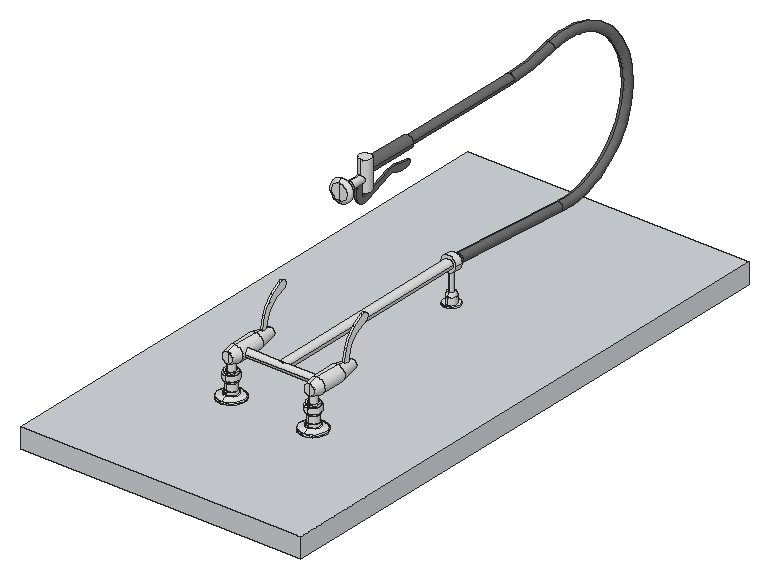
Revit family
Parameters (values of type "TF83WJS")
  WELSRating_ANZRS = "6 star"
  URL = "www.galvinengineering.com.au"
  Type Comments = "Ezy-Wash Pre-Rinse"
  StyleOrType_ANZRS = "Plumbing Fixture"
  PlumbingMaterial_ANZRS = Metal_Taps_DR-Brass-with-Chrome-Finish_10800
  Outlet = "1000mm long high pressure hose with swivel ends"
  ModifiedIssue_ANZRS = 20120721.01  # constant formula
  Model = "TF83WJS"
  Manufacturer = "Galvin Engineering"
  Keynote = "15400"
  Instructions = "http://www.galvinengineering.com.au/Installation_Guides_1.aspx"
  Inlet = "15mm BSP Female"
  FlowRate = 0.075 L/s
  FlexibleHoseMaterial = Rubber_Taps_Black-with-Spring_10800
  FilterObject_ANZRS = "Ezy-Wash"
  DimInletRadius = 7.5 mm  # constant formula
  DimHeight = 1120.0 mm  # constant formula
  Description = "Wall Mounted Pre-Rinse Exposed Mixing Unit Type 83W"
  Default Elevation = 900.0 mm
  CreatedBy_ANZRS = "Galvin Engineering"
  CreatedByURL_ANZRS = "www.galvinengineering.com.au"
  CreatedByPhoneNo_ANZRS = "61-8-92495900"
  Assembly Code = "D2010"
Reference planes
  plane 1 "Bottom": y = 0
  plane 2 "Face": z = 0
  plane 3 "Center (Left/Right)": x = 0
  plane 4 "Top": y = 1120
  plane 5 "Width2": z = 402.559
  plane 6 "Left": x = -102.5
  plane 7 "Right": x = 102.5
  plane 8: z = 92.559
  plane 9: y = 28.5
  plane 10: y = 210
Forms (mm)
  Extrusion 1, solid
    sketch origin (0, -719.2, 0) x (1, 0, 0) y (0, 1, 0)
      loop
        line (-350, 1769.2) -> (-350, 369.2) -> (350, 369.2) -> (350, 1769.2) -> (-350, 1769.2)
    from 0 to -50
  Extrusion 2, solid, material "Metal_Taps_DR-Brass-with-Chrome-Finish_10800" <- "PlumbingMaterial_ANZRS"
    sketch origin (0, 90.016, 158.511) x (1, 0, 0) y (0, 0, 1)
      loop
        circle (0, -66.426) r 19
    from -478.384 to -460.384
  Extrusion 3, solid, material "Metal_Taps_DR-Brass-with-Chrome-Finish_10800" <- "PlumbingMaterial_ANZRS"
    sketch origin (0, 493.399, -639.907) x (0, -1, 0) y (1, 0, 0)
      loop
        circle (-66.426, 0) r 5
    from 667.496 to 732.466
  Revolve 4, solid, material "Metal_Taps_DR-Brass-with-Chrome-Finish_10800" <- "PlumbingMaterial_ANZRS"
    sketch origin (0, 27.25, 0) x (0, 1, 0) y (0, 0, 1)
      loop
        line (532.575, 27.589) -> (523.865, 27.589) -> (520.575, 19.027) -> (520.575, 2) -> (512.575, 2) -> (512.575, 0) -> (532.575, 0) -> (532.575, 27.589)
      axis (532.575, 27.589) -> (532.575, 0)
    angle from 0 to 360
  Revolve 5, solid, material "Metal_Taps_DR-Brass-with-Chrome-Finish_10800" <- "PlumbingMaterial_ANZRS"
    sketch origin (-102.5, 0, 0) x (0, 0, 1) y (0, -1, 0)
      loop
        line (92.559, 0) -> (92.559, 9.45) -> (62, 9.45) -> (62, 13.8)
        arc (62, 13.8) -> (61.561, 14.861) -> (60.5, 15.3) r 1.5
        line (60.5, 15.3) -> (56.762, 15.3)
        arc (56.762, 15.3) -> (56.255, 16.708) -> (55.5, 18) r 8.183
        line (55.5, 18) -> (43.5, 18)
        arc (43.5, 18) -> (42.745, 16.708) -> (42.238, 15.3) r 8.183
        line (42.238, 15.3) -> (38.5, 15.3)
        arc (38.5, 15.3) -> (37.439, 14.861) -> (37, 13.8) r 1.5
        line (37, 13.8) -> (37, 12.751) -> (18.816, 12.751)
        arc (18.816, 12.751) -> (18.124, 14.162) -> (16.99, 15.25) r 4.512
        line (16.99, 15.25) -> (11.696, 15.25)
        arc (11.696, 15.25) -> (10.966, 16.428) -> (9.992, 17.414) r 6.168
        arc (9.992, 17.414) -> (5.373, 23.876) -> (3.454, 31.583) r 21.211
        arc (3.454, 31.583) -> (2.988, 32.59) -> (1.957, 33) r 1.5
        line (1.957, 33) -> (0, 33) -> (0, 0) -> (92.559, 0)
      axis (92.559, 0) -> (0, 0)
    angle from 0 to 360
  Revolve 6, solid, material "Metal_Taps_DR-Brass-with-Chrome-Finish_10800" <- "PlumbingMaterial_ANZRS"
    sketch origin (-102.5, 0, 0) x (0, 0, 1) y (0, -1, 0)
      loop
        line (73.509, -75.25) -> (81.72, -120.927)
        arc (81.72, -120.927) -> (87.095, -121.976) -> (92.559, -122.327) r 42.639
        line (92.559, -122.327) -> (92.559, 11.75) -> (79.559, 11.75) -> (73.509, -11.946) -> (73.509, -75.25)
      axis (92.559, -122.327) -> (92.559, 11.75)
    angle from 0 to 360
  Extrusion 7, solid, material "Metal_Taps_DR-Brass-with-Chrome-Finish_10800" <- "PlumbingMaterial_ANZRS"
    sketch origin (-102.5, 0, 0) x (0, 0, 1) y (0, -1, 0)
      loop
        line (163.416, -138.347) -> (174.279, -162.743)
        arc (174.279, -162.743) -> (187.767, -165.61) -> (190.634, -152.123) r 9.75
        line (190.634, -152.123) -> (174.213, -126.837)
        arc (174.213, -126.837) -> (157.17, -111.772) -> (136.998, -101.26) r 93.673
        line (136.998, -101.26) -> (97.369, -92.836) -> (95.422, -103.668) -> (129.547, -110.922)
        arc (129.547, -110.922) -> (148.286, -122.406) -> (163.416, -138.347) r 84.238
    from -2.5 to 2.5
  Revolve 8, solid, material "Metal_Taps_DR-Brass-with-Chrome-Finish_10800" <- "PlumbingMaterial_ANZRS"
    sketch origin (102.5, 0, 0) x (0, 0, 1) y (0, -1, 0)
      loop
        line (92.559, 0) -> (92.559, 9.45) -> (62, 9.45) -> (62, 13.8)
        arc (62, 13.8) -> (61.561, 14.861) -> (60.5, 15.3) r 1.5
        line (60.5, 15.3) -> (56.762, 15.3)
        arc (56.762, 15.3) -> (56.255, 16.708) -> (55.5, 18) r 8.183
        line (55.5, 18) -> (43.5, 18)
        arc (43.5, 18) -> (42.745, 16.708) -> (42.238, 15.3) r 8.183
        line (42.238, 15.3) -> (38.5, 15.3)
        arc (38.5, 15.3) -> (37.439, 14.861) -> (37, 13.8) r 1.5
        line (37, 13.8) -> (37, 12.751) -> (18.816, 12.751)
        arc (18.816, 12.751) -> (18.124, 14.162) -> (16.99, 15.25) r 4.512
        line (16.99, 15.25) -> (11.696, 15.25)
        arc (11.696, 15.25) -> (10.966, 16.428) -> (9.992, 17.414) r 6.168
        arc (9.992, 17.414) -> (5.373, 23.876) -> (3.454, 31.583) r 21.211
        arc (3.454, 31.583) -> (2.988, 32.59) -> (1.957, 33) r 1.5
        line (1.957, 33) -> (0, 33) -> (0, 0) -> (92.559, 0)
      axis (92.559, 0) -> (0, 0)
    angle from 0 to 360
  Revolve 9, solid, material "Metal_Taps_DR-Brass-with-Chrome-Finish_10800" <- "PlumbingMaterial_ANZRS"
    sketch origin (102.5, 0, 0) x (0, 0, 1) y (0, -1, 0)
      loop
        line (73.509, -75.25) -> (81.72, -120.927)
        arc (81.72, -120.927) -> (87.095, -121.976) -> (92.559, -122.327) r 42.639
        line (92.559, -122.327) -> (92.559, 11.75) -> (79.559, 11.75) -> (73.509, -11.946) -> (73.509, -75.25)
      axis (92.559, -122.327) -> (92.559, 11.75)
    angle from 0 to 360
  Extrusion 10, solid, material "Metal_Taps_DR-Brass-with-Chrome-Finish_10800" <- "PlumbingMaterial_ANZRS"
    sketch origin (102.5, 0, 0) x (0, 0, 1) y (0, 1, 0)
      loop
        arc (163.416, 138.347) -> (148.286, 122.406) -> (129.547, 110.922) r 84.238
        line (129.547, 110.922) -> (95.422, 103.668) -> (97.369, 92.836) -> (136.998, 101.26)
        arc (136.998, 101.26) -> (157.17, 111.772) -> (174.213, 126.837) r 93.673
        line (174.213, 126.837) -> (190.634, 152.123)
        arc (190.634, 152.123) -> (187.767, 165.61) -> (174.279, 162.743) r 9.75
        line (174.279, 162.743) -> (163.416, 138.347)
    from -2.5 to 2.5
  Extrusion 11, solid, material "Metal_Taps_DR-Brass-with-Chrome-Finish_10800" <- "PlumbingMaterial_ANZRS"
    sketch origin (0, 0, 0) x (0, 1, 0) y (0, 0, 1)
      loop
        circle (28.5, 92.559) r 9.5
    from -102.5 to 102.5
  Extrusion 12, solid, material "Metal_Taps_DR-Brass-with-Chrome-Finish_10800" <- "PlumbingMaterial_ANZRS"
    sketch origin (0, 224.042, -227.311) x (0, -1, 0) y (1, 0, 0)
      loop
        circle (-66.426, 0) r 15
    from 601.678 to 673.678
  Revolve 13, solid, material "Metal_Taps_DR-Brass-with-Chrome-Finish_10800" <- "PlumbingMaterial_ANZRS"
    sketch origin (0, -236.054, 16.084) x (0, 1, 0) y (0, 0, 1)
      loop
        line (475.022, 398.475) -> (468.022, 398.475)
        arc (468.022, 398.475) -> (462.365, 400.818) -> (460.022, 406.475) r 8
        arc (460.022, 406.475) -> (453.022, 413.475) -> (446.022, 406.475) r 7
        line (446.022, 406.475) -> (446.022, 386.475) -> (526.522, 386.475) -> (526.522, 395.725) -> (475.022, 395.725) -> (475.022, 398.475)
      axis (526.522, 386.475) -> (446.022, 386.475)
    angle from 0 to 360
  Extrusion 14, solid, material "Rubber_Taps_Black_10800"
    sketch origin (0, 40, 16.084) x (0, 1, 0) y (0, 0, 1)
      loop
        arc (351.777, 371.767) -> (337.304, 372.477) -> (323.147, 369.382) r 55
        line (323.147, 369.382) -> (255.849, 345.019)
        arc (255.849, 345.019) -> (242.11, 345.383) -> (235.343, 357.345) r 13.957
        line (235.343, 357.345) -> (235.343, 377.158) -> (215.467, 377.158)
        arc (215.467, 377.158) -> (221.438, 374.328) -> (221.971, 367.741) r 6.607
        arc (221.971, 367.741) -> (226.393, 339.066) -> (254.624, 332.371) r 25.979
        line (254.624, 332.371) -> (322.449, 357.921)
        arc (322.449, 357.921) -> (333.112, 359.46) -> (343.432, 356.369) r 25
        arc (343.432, 356.369) -> (365.167, 351.302) -> (386.286, 358.517) r 40.5
        arc (386.286, 358.517) -> (387.909, 362.648) -> (384.72, 365.734) r 4
        line (384.72, 365.734) -> (351.777, 371.767)
    from -2.5 to 2.5
  Extrusion 15, solid, material "Rubber_Taps_Black_10800"
    sketch origin (0, -242.443, 489.293) x (1, 0, 0) y (0, 0, 1)
      loop
        circle (0, -66.426) r 15
    from -664.611 to -535.911
  Sweep 16, solid, material "Rubber_Taps_Black-with-Spring_10800" <- "FlexibleHoseMaterial"
    path origin (0, 170, 16.084) x (0, 1, 0) y (0, 0, 1)
      loop
        line (398.4, 76) -> (411.248, 76)
        arc (411.248, 76) -> (566.982, 70.392) -> (721.91, 53.595) r 2165
        arc (721.91, 53.595) -> (938.504, 253.639) -> (697.946, 424.115) r 189.76
        arc (697.946, 424.115) -> (635.483, 411.136) -> (571.834, 406.783) r 467.457
    profile origin (0, 574.824, 92.084) x (0, 0, 1) y (1, 0, 0)
      loop
        circle (0, 0) r 11.1
  Extrusion 17, solid, material "Rubber_Taps_Black_10800"
    sketch origin (0, -87.443, 489.293) x (1, 0, 0) y (0, 0, 1)
      loop
        circle (0, -66.426) r 11.1
    from -829.277 to -509.611
  Extrusion 18, solid, material "Metal_Taps_DR-Brass-with-Chrome-Finish_10800" <- "PlumbingMaterial_ANZRS"
    sketch origin (0, 90.016, 158.511) x (1, 0, 0) y (0, 0, 1)
      loop
        circle (0, -66.426) r 11.1
    from -460.384 to 61.516
Cuts and joins
  joined: Extrusion 2, Extrusion 3, Revolve 5, Revolve 6, Extrusion 7, Revolve 8, Revolve 9, Extrusion 11, Extrusion 18
  joined: Extrusion 12, Revolve 13
Dimensions and locks
  "DimHeight": plane 4 "Top" to plane 1 "Bottom"
  locked: plane 5 "Width2" to plane 8 at 310
  locked: plane 6 "Left" to plane 7 "Right" at 205
  locked: plane 10 to plane 1 "Bottom" at 210
  aligned and locked: plane 2 "Face" to Extrusion 1
  aligned and locked: level to Extrusion 1
  aligned and locked: plane 2 "Face" to Revolve 5 sketch curve
  aligned and locked: Extrusion 11 to plane 6 "Left"
  aligned and locked: Extrusion 11 to plane 7 "Right"
  aligned and locked: Extrusion 18 to plane 9
Automatic sketch dimensions
  Extrusion 1 sketch curve to Extrusion 1 sketch curve = 700.0 mm
  Extrusion 1 sketch curve to Extrusion 1 sketch curve = 1400.0 mm
  Extrusion 2 sketch curve to plane 3 "Center (Left/Right)" = 0.0 mm
  Extrusion 2 sketch curve to plane 8 = 0.475 mm
  Extrusion 3 sketch curve to plane 3 "Center (Left/Right)" = 0.0 mm
  plane 10 to Extrusion 3 sketch curve = 349.825 mm
  level to Revolve 4 sketch curve = 0.0 mm
  plane 10 to Revolve 4 sketch curve = 329.825 mm
  level to Revolve 4 sketch curve = 2.0 mm
  Revolve 4 sketch curve to Revolve 4 sketch curve = 8.0 mm
  level to Revolve 4 sketch curve = 27.589 mm
  Revolve 4 sketch curve to Revolve 4 sketch curve = 3.29 mm
  Revolve 4 sketch curve to Revolve 4 sketch curve = 8.71 mm
  Revolve 4 sketch curve to Revolve 4 sketch curve = 0.0 mm
  Revolve 4 sketch curve to Revolve 4 sketch curve = 8.344 mm
  Revolve 4 sketch curve to Revolve 4 sketch curve = 12.589 mm
  Revolve 4 sketch curve to Revolve 4 sketch curve = 8.562 mm
  Revolve 5 sketch curve to plane 1 "Bottom" = 0.0 mm  (x2)
  Revolve 5 sketch curve to plane 8 = 0.0 mm
  Revolve 5 sketch curve to Revolve 5 sketch curve = 79.884 mm
  level to Revolve 5 sketch curve = 1.957 mm
  Revolve 5 sketch curve to Revolve 5 sketch curve = 1.498 mm
  Revolve 5 sketch curve to Revolve 5 sketch curve = 0.0 mm  (x2)
  level to Revolve 5 sketch curve = 6.12 mm
  Revolve 5 sketch curve to Revolve 5 sketch curve = 3.872 mm
  Revolve 5 sketch curve to Revolve 5 sketch curve = 1.704 mm
  Revolve 5 sketch curve to Revolve 5 sketch curve = 2.786 mm
  Revolve 5 sketch curve to Revolve 5 sketch curve = 2.509 mm
  Revolve 5 sketch curve to Revolve 5 sketch curve = 1.826 mm
  Revolve 5 sketch curve to Revolve 5 sketch curve = 7.643 mm
  Revolve 5 sketch curve to Revolve 5 sketch curve = 11.3 mm
  Revolve 5 sketch curve to Revolve 5 sketch curve = 6.884 mm
  Revolve 5 sketch curve to Revolve 5 sketch curve = 1.5 mm  (x2)
  Revolve 5 sketch curve to Revolve 5 sketch curve = 3.738 mm  (x2)
  Revolve 5 sketch curve to Revolve 5 sketch curve = 1.262 mm  (x2)
  Revolve 5 sketch curve to Revolve 5 sketch curve = 6.604 mm
  Revolve 5 sketch curve to Revolve 5 sketch curve = 1.316 mm
  Revolve 5 sketch curve to Revolve 5 sketch curve = 5.342 mm
  plane 1 "Bottom" to Revolve 5 sketch curve = 9.45 mm
  plane 1 "Bottom" to Revolve 5 sketch curve = 11.5 mm
  Revolve 5 sketch curve to Revolve 5 sketch curve = 1.112 mm
  plane 1 "Bottom" to Revolve 5 sketch curve = 12.751 mm
  Revolve 5 sketch curve to Revolve 5 sketch curve = 3.792 mm
  Revolve 5 sketch curve to Revolve 5 sketch curve = 4.35 mm
  Revolve 5 sketch curve to Revolve 5 sketch curve = 14.086 mm
  Revolve 6 sketch curve to plane 8 = 0.0 mm  (x2)
  Revolve 6 sketch curve to plane 8 = 10.839 mm
  Revolve 6 sketch curve to Revolve 6 sketch curve = 13.0 mm
  Revolve 6 sketch curve to plane 8 = 19.05 mm
  Revolve 6 sketch curve to plane 10 = 87.673 mm
  Revolve 6 sketch curve to Revolve 6 sketch curve = 1.401 mm
  Revolve 6 sketch curve to Revolve 6 sketch curve = 4.438 mm
  plane 9 to Revolve 6 sketch curve = 11.166 mm
  Revolve 6 sketch curve to plane 1 "Bottom" = 11.946 mm
  plane 1 "Bottom" to Revolve 6 sketch curve = 11.75 mm
  Revolve 6 sketch curve to Revolve 6 sketch curve = 58.584 mm
  plane 8 to Extrusion 7 sketch curve = 2.716 mm
  plane 8 to Extrusion 7 sketch curve = 2.863 mm
  plane 8 to Extrusion 7 sketch curve = 4.81 mm
  Extrusion 7 sketch curve to Extrusion 7 sketch curve = 8.838 mm
  Extrusion 7 sketch curve to Extrusion 7 sketch curve = 34.125 mm
  Extrusion 7 sketch curve to Extrusion 7 sketch curve = 7.451 mm
  Extrusion 7 sketch curve to Extrusion 7 sketch curve = 33.869 mm
  Extrusion 7 sketch curve to Extrusion 7 sketch curve = 10.796 mm
  Extrusion 7 sketch curve to Extrusion 7 sketch curve = 10.863 mm
  Extrusion 7 sketch curve to Extrusion 7 sketch curve = 8.177 mm  (x2)
  Extrusion 7 sketch curve to plane 10 = 57.877 mm
  Extrusion 7 sketch curve to Extrusion 7 sketch curve = 5.31 mm
  Extrusion 7 sketch curve to plane 10 = 22.127 mm
  Extrusion 7 sketch curve to Extrusion 7 sketch curve = 1.098 mm
  Extrusion 7 sketch curve to Extrusion 7 sketch curve = 24.396 mm
  Extrusion 7 sketch curve to Extrusion 7 sketch curve = 11.511 mm
  Extrusion 7 sketch curve to Extrusion 7 sketch curve = 7.253 mm
  Extrusion 7 sketch curve to Extrusion 7 sketch curve = 10.832 mm
  Revolve 8 sketch curve to plane 1 "Bottom" = 0.0 mm  (x2)
  Revolve 8 sketch curve to level = 0.0 mm
  plane 8 to Revolve 8 sketch curve = 0.0 mm
  Revolve 8 sketch curve to Revolve 8 sketch curve = 79.884 mm
  Revolve 8 sketch curve to level = 1.957 mm
  Revolve 8 sketch curve to Revolve 8 sketch curve = 1.498 mm
  Revolve 8 sketch curve to Revolve 8 sketch curve = 0.0 mm  (x2)
  Revolve 8 sketch curve to level = 6.12 mm
  Revolve 8 sketch curve to Revolve 8 sketch curve = 3.872 mm
  Revolve 8 sketch curve to Revolve 8 sketch curve = 1.704 mm
  Revolve 8 sketch curve to Revolve 8 sketch curve = 2.786 mm
  Revolve 8 sketch curve to Revolve 8 sketch curve = 2.509 mm
  Revolve 8 sketch curve to Revolve 8 sketch curve = 1.826 mm
  Revolve 8 sketch curve to Revolve 8 sketch curve = 7.643 mm
  Revolve 8 sketch curve to Revolve 8 sketch curve = 11.3 mm
  Revolve 8 sketch curve to Revolve 8 sketch curve = 6.884 mm
  Revolve 8 sketch curve to Revolve 8 sketch curve = 1.5 mm  (x2)
  Revolve 8 sketch curve to Revolve 8 sketch curve = 3.738 mm  (x2)
  Revolve 8 sketch curve to Revolve 8 sketch curve = 1.262 mm  (x2)
  Revolve 8 sketch curve to Revolve 8 sketch curve = 6.604 mm
  Revolve 8 sketch curve to Revolve 8 sketch curve = 1.316 mm
  Revolve 8 sketch curve to Revolve 8 sketch curve = 5.342 mm
  Revolve 8 sketch curve to plane 1 "Bottom" = 9.45 mm
  Revolve 8 sketch curve to plane 1 "Bottom" = 11.5 mm
  Revolve 8 sketch curve to Revolve 8 sketch curve = 1.112 mm
  Revolve 8 sketch curve to plane 1 "Bottom" = 12.751 mm
  Revolve 8 sketch curve to Revolve 8 sketch curve = 3.792 mm
  Revolve 8 sketch curve to Revolve 8 sketch curve = 4.35 mm
  Revolve 8 sketch curve to Revolve 8 sketch curve = 14.086 mm
  plane 8 to Revolve 9 sketch curve = 0.0 mm  (x2)
  plane 8 to Revolve 9 sketch curve = 10.839 mm
  Revolve 9 sketch curve to Revolve 9 sketch curve = 13.0 mm
  plane 8 to Revolve 9 sketch curve = 19.05 mm
  plane 10 to Revolve 9 sketch curve = 87.673 mm
  Revolve 9 sketch curve to Revolve 9 sketch curve = 1.401 mm
  Revolve 9 sketch curve to Revolve 9 sketch curve = 4.438 mm
  Revolve 9 sketch curve to plane 9 = 11.166 mm
  plane 1 "Bottom" to Revolve 9 sketch curve = 11.946 mm
  Revolve 9 sketch curve to plane 1 "Bottom" = 11.75 mm
  Revolve 9 sketch curve to Revolve 9 sketch curve = 58.584 mm
  Extrusion 10 sketch curve to plane 8 = 2.716 mm
  Extrusion 10 sketch curve to plane 8 = 2.863 mm
  Extrusion 10 sketch curve to plane 8 = 4.81 mm
  Extrusion 10 sketch curve to Extrusion 10 sketch curve = 8.838 mm
  Extrusion 10 sketch curve to Extrusion 10 sketch curve = 34.125 mm
  Extrusion 10 sketch curve to Extrusion 10 sketch curve = 7.451 mm
  Extrusion 10 sketch curve to Extrusion 10 sketch curve = 33.869 mm
  Extrusion 10 sketch curve to Extrusion 10 sketch curve = 10.796 mm
  Extrusion 10 sketch curve to Extrusion 10 sketch curve = 10.863 mm
  Extrusion 10 sketch curve to Extrusion 10 sketch curve = 8.177 mm  (x2)
  plane 10 to Extrusion 10 sketch curve = 57.877 mm
  Extrusion 10 sketch curve to Extrusion 10 sketch curve = 5.31 mm
  plane 10 to Extrusion 10 sketch curve = 22.127 mm
  Extrusion 10 sketch curve to Extrusion 10 sketch curve = 1.098 mm
  Extrusion 10 sketch curve to Extrusion 10 sketch curve = 24.396 mm
  Extrusion 10 sketch curve to Extrusion 10 sketch curve = 11.511 mm
  Extrusion 10 sketch curve to Extrusion 10 sketch curve = 7.253 mm
  Extrusion 10 sketch curve to Extrusion 10 sketch curve = 10.832 mm
  Extrusion 11 sketch curve to plane 8 = 0.0 mm
  Extrusion 11 sketch curve to plane 9 = 0.0 mm
  Extrusion 12 sketch curve to plane 3 "Center (Left/Right)" = 0.0 mm
  plane 10 to Extrusion 12 sketch curve = 80.468 mm
  Revolve 13 sketch curve to plane 5 "Width2" = 0.0 mm  (x2)
  Revolve 13 sketch curve to plane 10 = 15.032 mm
  Revolve 13 sketch curve to plane 10 = 0.032 mm
  plane 10 to Revolve 13 sketch curve = 6.968 mm
  Revolve 13 sketch curve to Revolve 13 sketch curve = 0.0 mm
  Revolve 13 sketch curve to Revolve 13 sketch curve = 8.0 mm
  Revolve 13 sketch curve to Revolve 13 sketch curve = 7.0 mm
  Revolve 13 sketch curve to Revolve 13 sketch curve = 6.0 mm
  Revolve 13 sketch curve to Revolve 13 sketch curve = 45.5 mm
  plane 5 "Width2" to Revolve 13 sketch curve = 9.25 mm
  Revolve 13 sketch curve to Revolve 13 sketch curve = 2.75 mm
  Extrusion 14 sketch curve to plane 5 "Width2" = 9.317 mm
  plane 10 to Extrusion 14 sketch curve = 45.467 mm
  Extrusion 14 sketch curve to Extrusion 14 sketch curve = 0.536 mm
  Extrusion 14 sketch curve to Extrusion 14 sketch curve = 5.969 mm
  Extrusion 14 sketch curve to Extrusion 14 sketch curve = 13.372 mm
  Extrusion 14 sketch curve to Extrusion 14 sketch curve = 10.139 mm
  Extrusion 14 sketch curve to Extrusion 14 sketch curve = 3.819 mm
  Extrusion 14 sketch curve to plane 5 "Width2" = 54.104 mm
  Extrusion 14 sketch curve to Extrusion 14 sketch curve = 5.324 mm
  Extrusion 14 sketch curve to Extrusion 14 sketch curve = 1.225 mm
  Extrusion 14 sketch curve to plane 5 "Width2" = 28.554 mm
  Extrusion 14 sketch curve to Extrusion 14 sketch curve = 66.6 mm
  Extrusion 14 sketch curve to plane 5 "Width2" = 17.093 mm
  Extrusion 14 sketch curve to Extrusion 14 sketch curve = 0.699 mm
  Extrusion 14 sketch curve to Extrusion 14 sketch curve = 8.819 mm
  Extrusion 14 sketch curve to Extrusion 14 sketch curve = 10.602 mm
  Extrusion 14 sketch curve to Extrusion 14 sketch curve = 20.983 mm
  Extrusion 14 sketch curve to Extrusion 14 sketch curve = 0.0 mm
  Extrusion 14 sketch curve to plane 5 "Width2" = 14.708 mm
  Extrusion 14 sketch curve to Extrusion 14 sketch curve = 8.345 mm
  plane 5 "Width2" to Extrusion 14 sketch curve = 5.276 mm
  Extrusion 14 sketch curve to Extrusion 14 sketch curve = 11.362 mm
  Extrusion 14 sketch curve to Extrusion 14 sketch curve = 32.223 mm
  Extrusion 14 sketch curve to plane 5 "Width2" = 20.741 mm
  Extrusion 14 sketch curve to Extrusion 14 sketch curve = 0.721 mm
  Extrusion 14 sketch curve to Extrusion 14 sketch curve = 2.286 mm
  Extrusion 14 sketch curve to Extrusion 14 sketch curve = 12.648 mm
  Extrusion 14 sketch curve to Extrusion 14 sketch curve = 0.657 mm
  Extrusion 15 sketch curve to plane 3 "Center (Left/Right)" = 0.0 mm
  plane 5 "Width2" to Extrusion 15 sketch curve = 20.308 mm
  Sweep 16 sketch curve to profile plane = 0.0 mm  (x2)
  Extrusion 17 sketch curve to plane 3 "Center (Left/Right)" = 0.0 mm
  plane 5 "Width2" to Extrusion 17 sketch curve = 20.308 mm
  Sweep 16 sketch curve to plane 8 = 0.475 mm
  plane 10 to Sweep 16 sketch curve = 358.4 mm
  Sweep 16 sketch curve to Sweep 16 sketch curve = 12.848 mm
  plane 5 "Width2" to Sweep 16 sketch curve = 20.308 mm
  Sweep 16 sketch curve to Sweep 16 sketch curve = 160.586 mm
  plane 5 "Width2" to Sweep 16 sketch curve = 37.64 mm
  Sweep 16 sketch curve to Sweep 16 sketch curve = 126.111 mm
  Sweep 16 sketch curve to Sweep 16 sketch curve = 0.0 mm  (x2)
  Sweep 16 sketch curve to plane 8 = 22.88 mm
  Extrusion 18 sketch curve to plane 3 "Center (Left/Right)" = 0.0 mm
  Extrusion 18 sketch curve to plane 8 = 0.475 mm
  radius of Extrusion 2 sketch curve = 19.0 mm
  radius of Extrusion 3 sketch curve = 5.0 mm
  radius of Extrusion 11 sketch curve = 9.5 mm
  radius of Extrusion 12 sketch curve = 15.0 mm
  radius of Extrusion 15 sketch curve = 15.0 mm
  radius of Sweep 16 sketch curve = 11.1 mm
  radius of Extrusion 17 sketch curve = 11.1 mm
  radius of Extrusion 18 sketch curve = 11.1 mm
Connectors
  piping at (102.5, 0, 0), driven by "FlowRate", driven by "DimInletRadius"
    settings: on cut or joined group 1 (Extrusion 2, Extrusion 3, Revolve 5, Revolve 6, Extrusion 7, Revolve 8, Revolve 9, Extrusion 11, Extrusion 18), index 2, connector radius 0.29528", flow factor 0, pipe flow 0.075 L/s, pressure drop 0.00 psi, fitting loss kfactor 0, connector angle 0.00°, fixture units 0, flow configuration 1, flow direction 1, fitting loss method 4, system type 20, connector reference index -1, connector utility 0, adjustable connector no, is connector primary yes, fitting loss table "", connector description "Inlet"
  piping at (-102.5, 0, 0), driven by "FlowRate", driven by "DimInletRadius"
    settings: on cut or joined group 1, index 3, connector radius 0.29528", flow factor 0, pipe flow 0.075 L/s, pressure drop 0.00 psi, fitting loss kfactor 0, connector angle 0.00°, fixture units 0, flow configuration 1, flow direction 1, fitting loss method 4, system type 19, connector reference index -1, connector utility 0, adjustable connector no, is connector primary no, fitting loss table "", connector description "Inlet"
